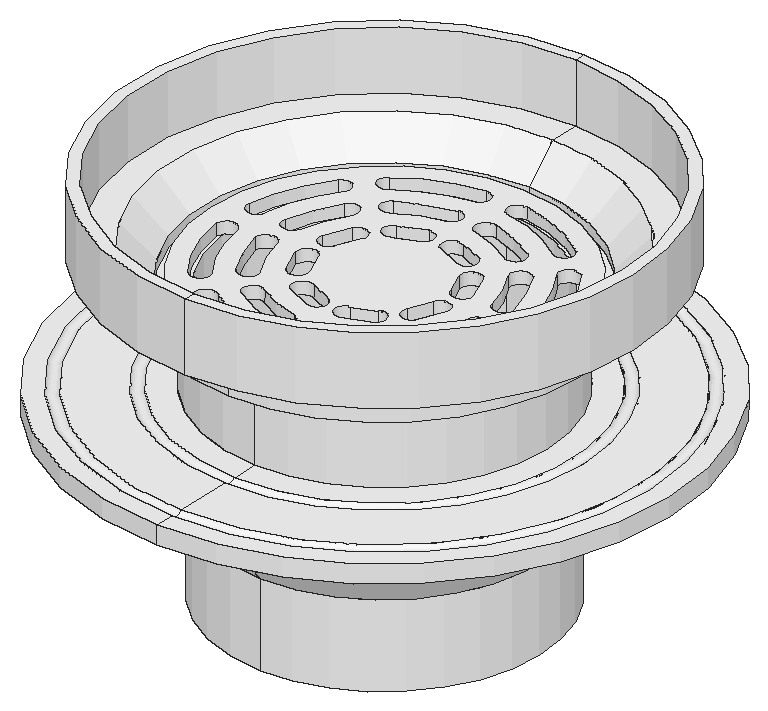
Revit family "F1100-ER", category Plumbing Fixtures, host Face, Revit 2018
Family settings
  Host = Face
  Round Connector Dimension = Use Radius
  Part Type = Normal
  Cut with Voids When Loaded = No
  Shared = No
  Room Calculation Point = No
Parameters (values of type "F1100-ER-Ø4"")
  WFU = 0
  URL = "WWW.MIFAB.COM"
  Pipe Radius = Pipe Diameter / 2  # 0' - 2"
  Pipe Diameter = 0' - 4"
  Model = "F1100-ER"
  Manufacturer = "MIFAB"
  Floor Drain Material = Paint - Sherwin Williams Paint - #952C2A - Bellwood Red
  Description = "EXTENDED RIM FLOOR DRAIN FOR NON-MEMBRANE FLOOR AREAS"
  Default Elevation = 0' - 0"
  CWFU = 0
  BODY HEIGHT = 0' - 2 5/8"
  Assembly Code = ""
  ADJUSTMENT = 0' - 2 5/8"
Types (6): name | Pipe Radius | Pipe Diameter | Model | BODY HEIGHT
  (no name) | 0' - 2" | 0' - 4" | "F1100-ER" | 0' - 2 5/8"
  F1100-ER-Ø2" | 0' - 1" | 0' - 2" | "F1100-EG" | 0' - 2 1/4"
  F1100-ER-Ø3" | 0' - 1 1/2" | 0' - 3" | "F1100-ER" | 0' - 2 5/8"
  F1100-ER-Ø4" | 0' - 2" | 0' - 4" | "F1100-ER" | 0' - 2 5/8"
  F1100-ER-Ø5" | 0' - 2 1/2" | 0' - 5" | "F1100-ER" | 0' - 2 5/8"
  F1100-ER-Ø6" | 0' - 3" | 0' - 6" | "F1100-ER" | 0' - 2 5/8"
Reference planes (in)
  plane 1 "Center (Front/Back)": y = 0
  plane 2: z = 0
  plane 3 "Center (Left/Right)": x = 0
  plane 4: y = -2
  plane 5: y = 2
  plane 6: y = 2.5
  plane 7: y = -4
  plane 8: y = 4
  plane 9: z = -2.625
  plane 10: z = -2.875
  plane 11: z = -5.25
  plane 12: z = 4
  plane 13: z = -0.25
  plane 14: z = -3.59655
  plane 15: z = -3.51391
  plane 16: y = 4.5
  plane 17: y = -4.5
  plane 18: y = -2.68
  plane 19: y = -2.32
  plane 20: z = -3.68867
  plane 21: z = -1.54959
  plane 22: z = -1.3843
  plane 23: y = -2.27273
  plane 24: y = 3.5
  plane 25: y = -3.5
Forms (in)
  Revolve 1, solid, material "Paint - Sherwin Williams Paint - #952C2A - Bellwood Red" <- "Floor Drain Material"
    sketch origin (0, -109.78025, 0) x (0, 1, 0) y (0, 0, 1)
      loop
        line (106.28025, 0) -> (106.28025, -0.95041) -> (106.73273, -0.95041) -> (107.04265, -1.27066) -> (107.04265, -1.54959) -> (107.50753, -1.54959) -> (107.50753, -3.51391) -> (107.59017, -3.59655) -> (107.66249, -3.59655) -> (107.66249, -1.3843) -> (107.24926, -1.3843) -> (107.24926, -1.24522) -> (106.83049, -0.82645) -> (106.43521, -0.82645) -> (106.43521, 0) -> (106.28025, 0)
      axis (109.78025, -3.59655) -> (109.78025, 0)
    angle from 0 to 360
  Revolve 2, solid, material "Paint - Sherwin Williams Paint - #952C2A - Bellwood Red" <- "Floor Drain Material"
    sketch origin (0, -109.78025, 5.25224) x (0, 1, 0) y (0, 0, 1)
      loop
        line (107.58925, -7.95724) -> (107.50925, -7.87724) -> (107.1433, -7.87724)
        arc (107.1433, -7.87724) -> (107.06061, -7.92691) -> (106.97791, -7.87724) r 0.09366
        line (106.97791, -7.87724) -> (106.21178, -7.87724)
        arc (106.21178, -7.87724) -> (106.12908, -7.92691) -> (106.04639, -7.87724) r 0.09366
        line (106.04639, -7.87724) -> (105.78025, -7.87724) -> (105.78025, -8.12724) -> (107.28025, -8.12724) -> (107.28025, -8.94091) -> (107.60057, -9.34686) -> (107.60057, -10.50224) -> (107.78025, -10.50224) -> (107.78025, -9.27978) -> (107.46025, -8.87399) -> (107.46025, -8.12724) -> (107.50925, -8.12724) -> (107.58925, -8.04724) -> (107.58925, -7.95724)
      axis (109.78025, -10.50224) -> (109.78025, -7.87724)
    angle from 0 to 360
  Revolve 3, solid, material "Paint - Sherwin Williams Paint - #952C2A - Bellwood Red" <- "Floor Drain Material"
    sketch origin (0, 0, 0.07777) x (0, 1, 0) y (0, 0, 1)
      loop
        line (3.1, -3.20791) -> (3.1, -3.13075) -> (2.73, -3.13075) -> (2.63, -3.03075) -> (2.73, -3.03075) -> (2.73, -2.95277) -> (2.32, -2.95277) -> (2.32, -3.20791) -> (3.1, -3.20791)
      axis (2.32, -3.34274) -> (3.1, -3.34274)
    angle from 0 to 360
  Extrusion 4, solid, material "Paint - Sherwin Williams Paint - #952C2A - Bellwood Red" <- "Floor Drain Material"
    sketch origin (0, 0, -1.2243) x (-1, 0, 0) y (0, -1, 0)
      loop
        circle (0, 0) r 2.42
      loop
        arc (1.0682, -0.23682) -> (0.97801, -0.06268) -> (0.80387, -0.15286) r 0.13867
        arc (0.80387, -0.15286) -> (0.748, -0.30556) -> (0.67917, -0.45286) r 1.88266
        arc (0.67917, -0.45286) -> (0.73807, -0.63992) -> (0.92513, -0.58101) r 0.13867
        arc (0.92513, -0.58101) -> (1.0041, -0.41201) -> (1.0682, -0.23682) r 2.16
      loop
        arc (1.4928, -1.14715) -> (1.51826, -1.3416) -> (1.71271, -1.31614) r 0.13867
        arc (1.71271, -1.31614) -> (1.99444, -0.82934) -> (2.14094, -0.2863) r 2.16
        arc (2.14094, -0.2863) -> (2.02232, -0.13011) -> (1.86615, -0.24876) r 0.13867
        arc (1.86615, -0.24876) -> (1.73851, -0.72249) -> (1.4928, -1.14715) r 1.88266
      loop
        arc (1.61258, -0.26439) -> (1.50772, -0.09867) -> (1.34199, -0.20353) r 0.13867
        arc (1.34199, -0.20353) -> (1.24373, -0.51289) -> (1.09378, -0.80078) r 1.88266
        arc (1.09378, -0.80078) -> (1.13637, -0.99221) -> (1.3278, -0.94962) r 0.13867
        arc (1.3278, -0.94962) -> (1.49983, -0.61933) -> (1.61258, -0.26439) r 2.16
      loop
        arc (1.0682, 0.23682) -> (1.0041, 0.41201) -> (0.92513, 0.58101) r 2.16
        arc (0.92513, 0.58101) -> (0.73807, 0.63992) -> (0.67917, 0.45286) r 0.13867
        arc (0.67917, 0.45286) -> (0.748, 0.30556) -> (0.80387, 0.15286) r 1.88266
        arc (0.80387, 0.15286) -> (0.97801, 0.06268) -> (1.0682, 0.23682) r 0.13867
      loop
        arc (1.4928, 1.14715) -> (1.73851, 0.72249) -> (1.86615, 0.24876) r 1.88266
        arc (1.86615, 0.24876) -> (2.02232, 0.13011) -> (2.14094, 0.2863) r 0.13867
        arc (2.14094, 0.2863) -> (1.99444, 0.82934) -> (1.71271, 1.31614) r 2.16
        arc (1.71271, 1.31614) -> (1.51826, 1.3416) -> (1.4928, 1.14715) r 0.13867
      loop
        arc (1.61258, 0.26439) -> (1.49983, 0.61933) -> (1.3278, 0.94962) r 2.16
        arc (1.3278, 0.94962) -> (1.13637, 0.99221) -> (1.09378, 0.80078) r 0.13867
        arc (1.09378, 0.80078) -> (1.24373, 0.51289) -> (1.34199, 0.20353) r 1.88266
        arc (1.34199, 0.20353) -> (1.50772, 0.09867) -> (1.61258, 0.26439) r 0.13867
      loop
        arc (0.23682, 1.0682) -> (0.06268, 0.97801) -> (0.15286, 0.80387) r 0.13867
        arc (0.15286, 0.80387) -> (0.30556, 0.748) -> (0.45286, 0.67917) r 1.88266
        arc (0.45286, 0.67917) -> (0.63992, 0.73807) -> (0.58101, 0.92513) r 0.13867
        arc (0.58101, 0.92513) -> (0.41201, 1.0041) -> (0.23682, 1.0682) r 2.16
      loop
        arc (1.14715, 1.4928) -> (1.3416, 1.51826) -> (1.31614, 1.71271) r 0.13867
        arc (1.31614, 1.71271) -> (0.82934, 1.99444) -> (0.2863, 2.14094) r 2.16
        arc (0.2863, 2.14094) -> (0.13011, 2.02232) -> (0.24876, 1.86615) r 0.13867
        arc (0.24876, 1.86615) -> (0.72249, 1.73851) -> (1.14715, 1.4928) r 1.88266
      loop
        arc (0.26439, 1.61258) -> (0.09867, 1.50772) -> (0.20353, 1.34199) r 0.13867
        arc (0.20353, 1.34199) -> (0.51289, 1.24373) -> (0.80078, 1.09378) r 1.88266
        arc (0.80078, 1.09378) -> (0.99221, 1.13637) -> (0.94962, 1.3278) r 0.13867
        arc (0.94962, 1.3278) -> (0.61933, 1.49983) -> (0.26439, 1.61258) r 2.16
      loop
        arc (-0.23682, 1.0682) -> (-0.41201, 1.0041) -> (-0.58101, 0.92513) r 2.16
        arc (-0.58101, 0.92513) -> (-0.63992, 0.73807) -> (-0.45286, 0.67917) r 0.13867
        arc (-0.45286, 0.67917) -> (-0.30556, 0.748) -> (-0.15286, 0.80387) r 1.88266
        arc (-0.15286, 0.80387) -> (-0.06268, 0.97801) -> (-0.23682, 1.0682) r 0.13867
      loop
        arc (-1.14715, 1.4928) -> (-0.72249, 1.73851) -> (-0.24876, 1.86615) r 1.88266
        arc (-0.24876, 1.86615) -> (-0.13011, 2.02232) -> (-0.2863, 2.14094) r 0.13867
        arc (-0.2863, 2.14094) -> (-0.82934, 1.99444) -> (-1.31614, 1.71271) r 2.16
        arc (-1.31614, 1.71271) -> (-1.3416, 1.51826) -> (-1.14715, 1.4928) r 0.13867
      loop
        arc (-0.26439, 1.61258) -> (-0.61933, 1.49983) -> (-0.94962, 1.3278) r 2.16
        arc (-0.94962, 1.3278) -> (-0.99221, 1.13637) -> (-0.80078, 1.09378) r 0.13867
        arc (-0.80078, 1.09378) -> (-0.51289, 1.24373) -> (-0.20353, 1.34199) r 1.88266
        arc (-0.20353, 1.34199) -> (-0.09867, 1.50772) -> (-0.26439, 1.61258) r 0.13867
      loop
        arc (-1.0682, 0.23682) -> (-0.97801, 0.06268) -> (-0.80387, 0.15286) r 0.13867
        arc (-0.80387, 0.15286) -> (-0.748, 0.30556) -> (-0.67917, 0.45286) r 1.88266
        arc (-0.67917, 0.45286) -> (-0.73807, 0.63992) -> (-0.92513, 0.58101) r 0.13867
        arc (-0.92513, 0.58101) -> (-1.0041, 0.41201) -> (-1.0682, 0.23682) r 2.16
      loop
        arc (-1.4928, 1.14715) -> (-1.51826, 1.3416) -> (-1.71271, 1.31614) r 0.13867
        arc (-1.71271, 1.31614) -> (-1.99444, 0.82934) -> (-2.14094, 0.2863) r 2.16
        arc (-2.14094, 0.2863) -> (-2.02232, 0.13011) -> (-1.86615, 0.24876) r 0.13867
        arc (-1.86615, 0.24876) -> (-1.73851, 0.72249) -> (-1.4928, 1.14715) r 1.88266
      loop
        arc (-1.61258, 0.26439) -> (-1.50772, 0.09867) -> (-1.34199, 0.20353) r 0.13867
        arc (-1.34199, 0.20353) -> (-1.24373, 0.51289) -> (-1.09378, 0.80078) r 1.88266
        arc (-1.09378, 0.80078) -> (-1.13637, 0.99221) -> (-1.3278, 0.94962) r 0.13867
        arc (-1.3278, 0.94962) -> (-1.49983, 0.61933) -> (-1.61258, 0.26439) r 2.16
      loop
        arc (-1.0682, -0.23682) -> (-1.0041, -0.41201) -> (-0.92513, -0.58101) r 2.16
        arc (-0.92513, -0.58101) -> (-0.73807, -0.63992) -> (-0.67917, -0.45286) r 0.13867
        arc (-0.67917, -0.45286) -> (-0.748, -0.30556) -> (-0.80387, -0.15286) r 1.88266
        arc (-0.80387, -0.15286) -> (-0.97801, -0.06268) -> (-1.0682, -0.23682) r 0.13867
      loop
        arc (-1.4928, -1.14715) -> (-1.73851, -0.72249) -> (-1.86615, -0.24876) r 1.88266
        arc (-1.86615, -0.24876) -> (-2.02232, -0.13011) -> (-2.14094, -0.2863) r 0.13867
        arc (-2.14094, -0.2863) -> (-1.99444, -0.82934) -> (-1.71271, -1.31614) r 2.16
        arc (-1.71271, -1.31614) -> (-1.51826, -1.3416) -> (-1.4928, -1.14715) r 0.13867
      loop
        arc (-1.61258, -0.26439) -> (-1.49983, -0.61933) -> (-1.3278, -0.94962) r 2.16
        arc (-1.3278, -0.94962) -> (-1.13637, -0.99221) -> (-1.09378, -0.80078) r 0.13867
        arc (-1.09378, -0.80078) -> (-1.24373, -0.51289) -> (-1.34199, -0.20353) r 1.88266
        arc (-1.34199, -0.20353) -> (-1.50772, -0.09867) -> (-1.61258, -0.26439) r 0.13867
      loop
        arc (-0.23682, -1.0682) -> (-0.06268, -0.97801) -> (-0.15286, -0.80387) r 0.13867
        arc (-0.15286, -0.80387) -> (-0.30556, -0.748) -> (-0.45286, -0.67917) r 1.88266
        arc (-0.45286, -0.67917) -> (-0.63992, -0.73807) -> (-0.58101, -0.92513) r 0.13867
        arc (-0.58101, -0.92513) -> (-0.41201, -1.0041) -> (-0.23682, -1.0682) r 2.16
      loop
        arc (-1.14715, -1.4928) -> (-1.3416, -1.51826) -> (-1.31614, -1.71271) r 0.13867
        arc (-1.31614, -1.71271) -> (-0.82934, -1.99444) -> (-0.2863, -2.14094) r 2.16
        arc (-0.2863, -2.14094) -> (-0.13011, -2.02232) -> (-0.24876, -1.86615) r 0.13867
        arc (-0.24876, -1.86615) -> (-0.72249, -1.73851) -> (-1.14715, -1.4928) r 1.88266
      loop
        arc (-0.26439, -1.61258) -> (-0.09867, -1.50772) -> (-0.20353, -1.34199) r 0.13867
        arc (-0.20353, -1.34199) -> (-0.51289, -1.24373) -> (-0.80078, -1.09378) r 1.88266
        arc (-0.80078, -1.09378) -> (-0.99221, -1.13637) -> (-0.94962, -1.3278) r 0.13867
        arc (-0.94962, -1.3278) -> (-0.61933, -1.49983) -> (-0.26439, -1.61258) r 2.16
      loop
        arc (0.23682, -1.0682) -> (0.41201, -1.0041) -> (0.58101, -0.92513) r 2.16
        arc (0.58101, -0.92513) -> (0.63992, -0.73807) -> (0.45286, -0.67917) r 0.13867
        arc (0.45286, -0.67917) -> (0.30556, -0.748) -> (0.15286, -0.80387) r 1.88266
        arc (0.15286, -0.80387) -> (0.06268, -0.97801) -> (0.23682, -1.0682) r 0.13867
      loop
        arc (1.14715, -1.4928) -> (0.72249, -1.73851) -> (0.24876, -1.86615) r 1.88266
        arc (0.24876, -1.86615) -> (0.13011, -2.02232) -> (0.2863, -2.14094) r 0.13867
        arc (0.2863, -2.14094) -> (0.82934, -1.99444) -> (1.31614, -1.71271) r 2.16
        arc (1.31614, -1.71271) -> (1.3416, -1.51826) -> (1.14715, -1.4928) r 0.13867
      loop
        arc (0.26439, -1.61258) -> (0.61933, -1.49983) -> (0.94962, -1.3278) r 2.16
        arc (0.94962, -1.3278) -> (0.99221, -1.13637) -> (0.80078, -1.09378) r 0.13867
        arc (0.80078, -1.09378) -> (0.51289, -1.24373) -> (0.20353, -1.34199) r 1.88266
        arc (0.20353, -1.34199) -> (0.09867, -1.50772) -> (0.26439, -1.61258) r 0.13867
    from 0 to -0.16
Dimensions and locks (in)
  equal spacing: plane 5, plane 1 "Center (Front/Back)", plane 4
  "Pipe Diameter": plane 5 to plane 4
  plane 1 "Center (Front/Back)" to plane 4 = 0' - 2"
  locked: plane 6 to plane 1 "Center (Front/Back)" at 2.5
  equal spacing: plane 8, plane 1 "Center (Front/Back)", plane 7
  locked: plane 8 to plane 7 at 8
  locked: plane 9 to plane 10 at 0.25
  "BODY HEIGHT": plane 9 to plane 11
  "ADJUSTMENT": plane 2 to plane 9
  locked: plane 13 to plane 2 at 0.25
  locked: plane 15 to plane 14 at 0.08264
  locked: plane 9 to plane 14 at 0.97155
  plane 12 to level = 0' - 4"
  equal spacing: plane 16, plane 1 "Center (Front/Back)", plane 17
  plane 16 to plane 17 = 0' - 9"
  locked: Revolve 2 sketch curve to Revolve 2 sketch curve at 0.93152
  locked: plane 4 to Revolve 2 sketch curve at 0.17969
  locked: plane 10 to plane 20 at 0.81367
  plane 2 to plane 22 to plane 21 = 0' - 1.3843" locked, 0' - 0.16529" locked
  equal spacing: plane 24, plane 1 "Center (Front/Back)", plane 25
  plane 24 to plane 25 = 0' - 7"
  locked: Revolve 1 sketch curve to plane 23 at 0.15496
  aligned and locked: plane 2 to host face
  aligned and locked: level to host face
  aligned and locked: plane 19 to Revolve 2 sketch curve
  aligned and locked: Revolve 2 sketch curve to plane 4
  aligned and locked: Revolve 1 sketch curve to plane 14
  aligned and locked: plane 15 to Revolve 1 sketch curve
  aligned and locked: plane 20 to Revolve 2 sketch curve
  aligned and locked: plane 23 to Revolve 1 sketch curve
Automatic sketch dimensions
  host sketch curve to host sketch curve = 8' - 0"  (x2)
  Revolve 3 sketch curve to plane 10 = 0' - 0"
  plane 6 to Revolve 3 sketch curve = 0' - 0.18"
  Revolve 3 sketch curve to plane 6 = 0' - 0.13"
  Revolve 3 sketch curve to Revolve 3 sketch curve = 0' - 0.1"  (x3)
  Revolve 3 sketch curve to Revolve 3 sketch curve = 0' - 0.37"
  Revolve 3 sketch curve to Revolve 3 sketch curve = 0' - 0.07798"
  Revolve 3 sketch curve to Revolve 3 sketch curve = 0' - 0.25514"
  Revolve 3 sketch curve to Revolve 3 sketch curve = 0' - 0"
  Revolve 3 sketch curve to Revolve 3 sketch curve = 0' - 0.14968"
  Revolve 3 sketch curve to Revolve 3 sketch curve = 0' - 0.13482"
  Revolve 1 sketch curve to level = 0' - 0"
  Revolve 1 sketch curve to plane 25 = 0' - 0"
  Revolve 1 sketch curve to plane 21 = 0' - 0"
  Revolve 1 sketch curve to plane 22 = 0' - 0"
  Revolve 1 sketch curve to plane 1 "Center (Front/Back)" = 0' - 0"
  Revolve 1 sketch curve to plane 25 = 0' - 0.15496"
  Revolve 1 sketch curve to Revolve 1 sketch curve = 0' - 0.29752"
  Revolve 1 sketch curve to Revolve 1 sketch curve = 0' - 0.09775"
  Revolve 1 sketch curve to plane 23 = 0' - 0.46488"
  Revolve 1 sketch curve to Revolve 1 sketch curve = 0' - 0.20661"
  plane 23 to Revolve 1 sketch curve = 0' - 0.08264"
  plane 22 to Revolve 1 sketch curve = 0' - 0.11364"
  Revolve 1 sketch curve to Revolve 1 sketch curve = 0' - 0.13908"
  plane 22 to Revolve 1 sketch curve = 0' - 0.43388"
  Revolve 1 sketch curve to Revolve 1 sketch curve = 0' - 0.12397"
  level to Revolve 1 sketch curve = 0' - 1.15177"
  Revolve 1 sketch curve to Revolve 1 sketch curve = 0' - 0 3/4"
  Extrusion 4 sketch curve to Extrusion 4 sketch curve = 0' - 0"  (x406)
  plane 3 "Center (Left/Right)" to Extrusion 4 sketch curve = 0' - 2.00355"
  Extrusion 4 sketch curve to Extrusion 4 sketch curve = 0' - 0.4008"  (x4)
  Extrusion 4 sketch curve to Extrusion 4 sketch curve = 0' - 0.52626"  (x4)
  Extrusion 4 sketch curve to Extrusion 4 sketch curve = 0' - 0 95/256"  (x8)
  Extrusion 4 sketch curve to Extrusion 4 sketch curve = 0' - 0.39196"  (x4)
  Extrusion 4 sketch curve to Extrusion 4 sketch curve = 0' - 0.22034"  (x4)
  Extrusion 4 sketch curve to Extrusion 4 sketch curve = 0' - 0.05441"  (x4)
  Extrusion 4 sketch curve to Extrusion 4 sketch curve = 0' - 0.33559"  (x8)
  Extrusion 4 sketch curve to Extrusion 4 sketch curve = 0' - 0.1883"  (x8)
  Extrusion 4 sketch curve to Extrusion 4 sketch curve = 0' - 0.28521"  (x8)
  Extrusion 4 sketch curve to Extrusion 4 sketch curve = 0' - 0.30738"  (x2)
  Extrusion 4 sketch curve to Extrusion 4 sketch curve = 0' - 0.09987"  (x8)
  Extrusion 4 sketch curve to Extrusion 4 sketch curve = 0' - 0.60769"  (x4)
  Extrusion 4 sketch curve to Extrusion 4 sketch curve = 0' - 0.18311"  (x4)
  Extrusion 4 sketch curve to Extrusion 4 sketch curve = 0' - 0 73/256"  (x8)
  Extrusion 4 sketch curve to Extrusion 4 sketch curve = 0' - 0.22223"  (x8)
  Extrusion 4 sketch curve to Extrusion 4 sketch curve = 0' - 0.20961"  (x2)
  Extrusion 4 sketch curve to Extrusion 4 sketch curve = 0' - 0.38969"  (x4)
  Extrusion 4 sketch curve to Extrusion 4 sketch curve = 0' - 0.41923"  (x4)
  Extrusion 4 sketch curve to Extrusion 4 sketch curve = 0' - 0.46791"  (x4)
  Extrusion 4 sketch curve to Extrusion 4 sketch curve = 0' - 0.2675"  (x2)
  Extrusion 4 sketch curve to Extrusion 4 sketch curve = 0' - 0.45813"  (x4)
  Extrusion 4 sketch curve to Extrusion 4 sketch curve = 0' - 0.13389"  (x4)
  Extrusion 4 sketch curve to Extrusion 4 sketch curve = 0' - 0.35645"  (x4)
  Extrusion 4 sketch curve to Extrusion 4 sketch curve = 0' - 0.48684"  (x2)
  Extrusion 4 sketch curve to plane 3 "Center (Left/Right)" = 0' - 2.00355"  (x2)
  Extrusion 4 sketch curve to plane 16 = 0' - 2.49645"
  Extrusion 4 sketch curve to Extrusion 4 sketch curve = 0' - 0.03355"  (x2)
  Extrusion 4 sketch curve to Extrusion 4 sketch curve = 0' - 0.13739"  (x2)
  Extrusion 4 sketch curve to Extrusion 4 sketch curve = 0' - 0.1374"  (x4)
  Extrusion 4 sketch curve to Extrusion 4 sketch curve = 0' - 0.10996"  (x4)
  Extrusion 4 sketch curve to Extrusion 4 sketch curve = 0' - 0.13529"  (x2)
  Extrusion 4 sketch curve to Extrusion 4 sketch curve = 0' - 0.0845"  (x4)
  Extrusion 4 sketch curve to Extrusion 4 sketch curve = 0' - 0.13216"  (x2)
  Extrusion 4 sketch curve to Extrusion 4 sketch curve = 0' - 0.07442"  (x2)
  Extrusion 4 sketch curve to Extrusion 4 sketch curve = 0' - 0.06408"  (x2)
  Extrusion 4 sketch curve to Extrusion 4 sketch curve = 0' - 0.0188"  (x4)
  Extrusion 4 sketch curve to Extrusion 4 sketch curve = 0' - 0.04198"  (x2)
  Extrusion 4 sketch curve to Extrusion 4 sketch curve = 0' - 0.03043"  (x2)
  Extrusion 4 sketch curve to Extrusion 4 sketch curve = 0' - 0.01874"  (x2)
  Extrusion 4 sketch curve to Extrusion 4 sketch curve = 0' - 0.12298"  (x2)
  Extrusion 4 sketch curve to Extrusion 4 sketch curve = 0' - 0.11701"  (x2)
  Extrusion 4 sketch curve to Extrusion 4 sketch curve = 0' - 0.27906"
  Revolve 2 sketch curve to plane 7 = 0' - 0"
  Revolve 2 sketch curve to plane 9 = 0' - 0"  (x3)
  Revolve 2 sketch curve to plane 10 = 0' - 0"  (x2)
  Revolve 2 sketch curve to plane 1 "Center (Front/Back)" = 0' - 0"
  Revolve 2 sketch curve to plane 11 = 0' - 0"
  plane 25 to Revolve 2 sketch curve = 0' - 0.23386"
  plane 9 to Revolve 2 sketch curve = 0' - 0.04399"  (x2)
  Revolve 2 sketch curve to Revolve 2 sketch curve = 0' - 0.08269"  (x2)
  Revolve 2 sketch curve to Revolve 2 sketch curve = 0' - 0.18"
  plane 23 to Revolve 2 sketch curve = 0' - 0.00172"  (x2)
  plane 23 to Revolve 2 sketch curve = 0' - 0.08172"
  Revolve 2 sketch curve to plane 20 = 0' - 0.40595"
  Revolve 2 sketch curve to Revolve 2 sketch curve = 0' - 0.06708"
  Revolve 2 sketch curve to plane 14 = 0' - 0.0252"
  plane 10 to Revolve 2 sketch curve = 0' - 0.08"
  Revolve 2 sketch curve to plane 9 = 0' - 0.08"
  Revolve 2 sketch curve to plane 11 = 0' - 3.43864"
  Revolve 2 sketch curve to Revolve 2 sketch curve = 0' - 1.64678"
Connectors (in)
  piping at (0, 0, -5.25), diameter 4, driven by "Pipe Radius"
    settings: on Revolve 2, index 1, connector inside diameter 24", connector length 0' - 0", flow factor 0, pipe flow 0 GPM, pressure drop 0.00 psi, fitting loss kfactor 0, connector angle 0.00°, fixture units 0, engagement length 0' - 0", angle of deflection 0.00°, flow configuration 0, flow direction 0, fitting loss method 0, system type 7, joint type 0, gender type 0, connector reference index -1, connector utility 0, adjustable connector no, is connector primary yes, connector description ""
  piping at (0, 3.1, -3.26497), diameter 0.27344
    settings: on Revolve 3, index 2, connector inside diameter 24", connector length 0' - 0", flow factor 0, pipe flow 0 GPM, pressure drop 0.00 psi, fitting loss kfactor 0, connector angle 0.00°, fixture units 0, engagement length 0' - 0", angle of deflection 0.00°, flow configuration 0, flow direction 0, fitting loss method 0, system type 7, joint type 0, gender type 0, connector reference index -1, connector utility 0, adjustable connector no, is connector primary no, connector description ""
